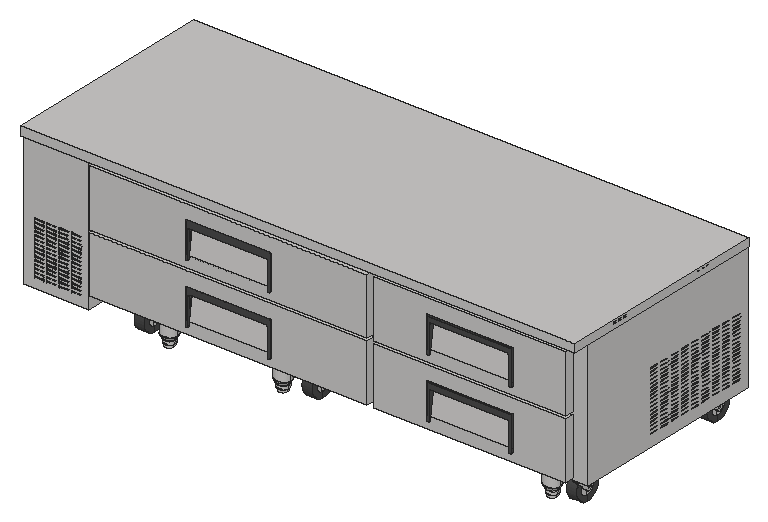
Revit family "QF_EVEREST_ECB82D4", category Specialty Equipment, Revit 2015
Parameters
  Weight in Pounds = 484
  Watts = if(Phase = 3, Volts * FL Amps * 1.73, Volts * FL Amps)  # 287.5 W
  Volts = 115 V
  URL Cutsheet = ""
  Specification by User = ""
  Specification by Manufacturer = ""
  Show Clearance [instance] = yes
  Serial Number = ""
  Seismic Rating = ""
  SMACNA No = ""
  Revision Code = ""
  Refrigerant Volume = 0.00 kip
  Refrigerant Type = "R-290"
  Phase = 1
  Number of Poles = 1
  NAFEM Spec ID Number = ""
  Model = "ECB82D4"
  Min Ckt Ampacity = 0 A
  Max Overcurrent Protection = 0 A
  Masterspec = ""
  Manufacturer = "EVEREST"
  Length = 2091 mm
  Item Number = ""
  Installed By = ""
  Identify Quantity as Lot = yes
  Height = 635 mm
  HP = "1/3"
  Furnished By = ""
  Foodservice Equipment Identifier = yes
  FL Amps = 2.5 A
  Electrical Remarks = ""
  Electric Connection Type = ""
  Elec Conn RI Height = 0 mm
  Elec Conn Connection Height = 0 mm
  Description = "SIDE MOUNTED CONDENSING UNIT"
  Depth = 815 mm
  Cycle = 60 Hz
  Conn Plug = "NEMA 5-15P"
  Conn Conduit = yes
  CSI MasterFormat = ""
  BTUH = 2311.0 Btu/h
  Apparent Power = if(Phase = 3, Volts * FL Amps * 1.73, Volts * FL Amps)  # 287.5 VA
Reference planes
  plane 1 "BACK": y = 0
  plane 2: z = 0
  plane 3 "LEFT": x = 0
  plane 4 "RIGHT": x = 2091
  plane 5 "FRONT": y = -815
  plane 6 "TOP": z = 635
  plane 7 "Center Y": x = 1045.5
  plane 8 "Center X": y = -407.5
  plane 9: y = -1371
Forms (mm)
  Extrusion 1, solid, material "QF_Metal - Stainless - Polished"
    sketch origin (-498.299, -4572, 635) x (-1, 0, 0) y (0, -1, 0)
      loop
        line (-498.299, -4572) -> (-498.299, -3757) -> (-2589.299, -3757) -> (-2589.299, -4572) -> (-498.299, -4572)
    from 0 to -32
  Extrusion 2, solid, material "QF_Metal - Stainless - Polished"
    sketch origin (488.481, 0, -11.574) x (1, 0, 0) y (0, 0, 1)
      loop
        line (835.519, 382) -> (1556.519, 382) -> (1556.519, 597) -> (835.519, 597) -> (835.519, 382)
      loop
        line (835.519, 372) -> (835.519, 157) -> (1556.519, 157) -> (1556.519, 372) -> (835.519, 372)
      loop
        line (-236.481, 382) -> (809.519, 382) -> (809.519, 597) -> (-236.481, 597) -> (-236.481, 382)
      loop
        line (-236.481, 372) -> (-236.481, 157) -> (809.519, 157) -> (809.519, 372) -> (-236.481, 372)
    from 804 to 769
  Extrusion 3, void
    sketch origin (-72.365, -804, 0) x (-1, 0, 0) y (0, 0, 1)
      loop
        arc (-152.892, 338.5) -> (-155.721, 337.328) -> (-156.892, 334.5) r 4
        arc (-156.892, 334.5) -> (-155.721, 331.672) -> (-152.892, 330.5) r 4
        line (-152.892, 330.5) -> (-120.892, 330.5)
        arc (-120.892, 330.5) -> (-118.064, 331.672) -> (-116.892, 334.5) r 4
        arc (-116.892, 334.5) -> (-118.064, 337.328) -> (-120.892, 338.5) r 4
        line (-120.892, 338.5) -> (-152.892, 338.5)
      loop
        arc (-152.892, 324.5) -> (-155.721, 323.328) -> (-156.892, 320.5) r 4
        arc (-156.892, 320.5) -> (-155.721, 317.672) -> (-152.892, 316.5) r 4
        line (-152.892, 316.5) -> (-120.892, 316.5)
        arc (-120.892, 316.5) -> (-118.064, 317.672) -> (-116.892, 320.5) r 4
        arc (-116.892, 320.5) -> (-118.064, 323.328) -> (-120.892, 324.5) r 4
        line (-120.892, 324.5) -> (-152.892, 324.5)
      loop
        arc (-152.892, 310.5) -> (-155.721, 309.328) -> (-156.892, 306.5) r 4
        arc (-156.892, 306.5) -> (-155.721, 303.672) -> (-152.892, 302.5) r 4
        line (-152.892, 302.5) -> (-120.892, 302.5)
        arc (-120.892, 302.5) -> (-118.064, 303.672) -> (-116.892, 306.5) r 4
        arc (-116.892, 306.5) -> (-118.064, 309.328) -> (-120.892, 310.5) r 4
        line (-120.892, 310.5) -> (-152.892, 310.5)
      loop
        arc (-152.892, 296.5) -> (-155.721, 295.328) -> (-156.892, 292.5) r 4
        arc (-156.892, 292.5) -> (-155.721, 289.672) -> (-152.892, 288.5) r 4
        line (-152.892, 288.5) -> (-120.892, 288.5)
        arc (-120.892, 288.5) -> (-118.064, 289.672) -> (-116.892, 292.5) r 4
        arc (-116.892, 292.5) -> (-118.064, 295.328) -> (-120.892, 296.5) r 4
        line (-120.892, 296.5) -> (-152.892, 296.5)
      loop
        arc (-152.892, 282.5) -> (-155.721, 281.328) -> (-156.892, 278.5) r 4
        arc (-156.892, 278.5) -> (-155.721, 275.672) -> (-152.892, 274.5) r 4
        line (-152.892, 274.5) -> (-120.892, 274.5)
        arc (-120.892, 274.5) -> (-118.064, 275.672) -> (-116.892, 278.5) r 4
        arc (-116.892, 278.5) -> (-118.064, 281.328) -> (-120.892, 282.5) r 4
        line (-120.892, 282.5) -> (-152.892, 282.5)
      loop
        arc (-152.892, 268.5) -> (-155.721, 267.328) -> (-156.892, 264.5) r 4
        arc (-156.892, 264.5) -> (-155.721, 261.672) -> (-152.892, 260.5) r 4
        line (-152.892, 260.5) -> (-120.892, 260.5)
        arc (-120.892, 260.5) -> (-118.064, 261.672) -> (-116.892, 264.5) r 4
        arc (-116.892, 264.5) -> (-118.064, 267.328) -> (-120.892, 268.5) r 4
        line (-120.892, 268.5) -> (-152.892, 268.5)
      loop
        arc (-152.892, 254.5) -> (-155.721, 253.328) -> (-156.892, 250.5) r 4
        arc (-156.892, 250.5) -> (-155.721, 247.672) -> (-152.892, 246.5) r 4
        line (-152.892, 246.5) -> (-120.892, 246.5)
        arc (-120.892, 246.5) -> (-118.064, 247.672) -> (-116.892, 250.5) r 4
        arc (-116.892, 250.5) -> (-118.064, 253.328) -> (-120.892, 254.5) r 4
        line (-120.892, 254.5) -> (-152.892, 254.5)
      loop
        arc (-152.892, 240.5) -> (-155.721, 239.328) -> (-156.892, 236.5) r 4
        arc (-156.892, 236.5) -> (-155.721, 233.672) -> (-152.892, 232.5) r 4
        line (-152.892, 232.5) -> (-120.892, 232.5)
        arc (-120.892, 232.5) -> (-118.064, 233.672) -> (-116.892, 236.5) r 4
        arc (-116.892, 236.5) -> (-118.064, 239.328) -> (-120.892, 240.5) r 4
        line (-120.892, 240.5) -> (-152.892, 240.5)
      loop
        arc (-152.892, 226.5) -> (-155.721, 225.328) -> (-156.892, 222.5) r 4
        arc (-156.892, 222.5) -> (-155.721, 219.672) -> (-152.892, 218.5) r 4
        line (-152.892, 218.5) -> (-120.892, 218.5)
        arc (-120.892, 218.5) -> (-118.064, 219.672) -> (-116.892, 222.5) r 4
        arc (-116.892, 222.5) -> (-118.064, 225.328) -> (-120.892, 226.5) r 4
        line (-120.892, 226.5) -> (-152.892, 226.5)
      loop
        arc (-152.892, 212.5) -> (-155.721, 211.328) -> (-156.892, 208.5) r 4
        arc (-156.892, 208.5) -> (-155.721, 205.672) -> (-152.892, 204.5) r 4
        line (-152.892, 204.5) -> (-120.892, 204.5)
        arc (-120.892, 204.5) -> (-118.064, 205.672) -> (-116.892, 208.5) r 4
        arc (-116.892, 208.5) -> (-118.064, 211.328) -> (-120.892, 212.5) r 4
        line (-120.892, 212.5) -> (-152.892, 212.5)
      loop
        arc (-152.892, 198.5) -> (-155.721, 197.328) -> (-156.892, 194.5) r 4
        arc (-156.892, 194.5) -> (-155.721, 191.672) -> (-152.892, 190.5) r 4
        line (-152.892, 190.5) -> (-120.892, 190.5)
        arc (-120.892, 190.5) -> (-118.064, 191.672) -> (-116.892, 194.5) r 4
        arc (-116.892, 194.5) -> (-118.064, 197.328) -> (-120.892, 198.5) r 4
        line (-120.892, 198.5) -> (-152.892, 198.5)
      loop
        arc (-152.892, 184.5) -> (-155.721, 183.328) -> (-156.892, 180.5) r 4
        arc (-156.892, 180.5) -> (-155.721, 177.672) -> (-152.892, 176.5) r 4
        line (-152.892, 176.5) -> (-120.892, 176.5)
        arc (-120.892, 176.5) -> (-118.064, 177.672) -> (-116.892, 180.5) r 4
        arc (-116.892, 180.5) -> (-118.064, 183.328) -> (-120.892, 184.5) r 4
        line (-120.892, 184.5) -> (-152.892, 184.5)
      loop
        arc (-152.892, 170.5) -> (-155.721, 169.328) -> (-156.892, 166.5) r 4
        arc (-156.892, 166.5) -> (-155.721, 163.672) -> (-152.892, 162.5) r 4
        line (-152.892, 162.5) -> (-120.892, 162.5)
        arc (-120.892, 162.5) -> (-118.064, 163.672) -> (-116.892, 166.5) r 4
        arc (-116.892, 166.5) -> (-118.064, 169.328) -> (-120.892, 170.5) r 4
        line (-120.892, 170.5) -> (-152.892, 170.5)
      loop
        arc (-152.892, 156.5) -> (-155.721, 155.328) -> (-156.892, 152.5) r 4
        arc (-156.892, 152.5) -> (-155.721, 149.672) -> (-152.892, 148.5) r 4
        line (-152.892, 148.5) -> (-120.892, 148.5)
        arc (-120.892, 148.5) -> (-118.064, 149.672) -> (-116.892, 152.5) r 4
        arc (-116.892, 152.5) -> (-118.064, 155.328) -> (-120.892, 156.5) r 4
        line (-120.892, 156.5) -> (-152.892, 156.5)
      loop
        arc (-152.892, 142.5) -> (-155.721, 141.328) -> (-156.892, 138.5) r 4
        arc (-156.892, 138.5) -> (-155.721, 135.672) -> (-152.892, 134.5) r 4
        line (-152.892, 134.5) -> (-120.892, 134.5)
        arc (-120.892, 134.5) -> (-118.064, 135.672) -> (-116.892, 138.5) r 4
        arc (-116.892, 138.5) -> (-118.064, 141.328) -> (-120.892, 142.5) r 4
        line (-120.892, 142.5) -> (-152.892, 142.5)
      loop
        arc (-198.892, 338.5) -> (-201.721, 337.328) -> (-202.892, 334.5) r 4
        arc (-202.892, 334.5) -> (-201.721, 331.672) -> (-198.892, 330.5) r 4
        line (-198.892, 330.5) -> (-166.892, 330.5)
        arc (-166.892, 330.5) -> (-164.064, 331.672) -> (-162.892, 334.5) r 4
        arc (-162.892, 334.5) -> (-164.064, 337.328) -> (-166.892, 338.5) r 4
        line (-166.892, 338.5) -> (-198.892, 338.5)
      loop
        arc (-198.892, 324.5) -> (-201.721, 323.328) -> (-202.892, 320.5) r 4
        arc (-202.892, 320.5) -> (-201.721, 317.672) -> (-198.892, 316.5) r 4
        line (-198.892, 316.5) -> (-166.892, 316.5)
        arc (-166.892, 316.5) -> (-164.064, 317.672) -> (-162.892, 320.5) r 4
        arc (-162.892, 320.5) -> (-164.064, 323.328) -> (-166.892, 324.5) r 4
        line (-166.892, 324.5) -> (-198.892, 324.5)
      loop
        arc (-198.892, 310.5) -> (-201.721, 309.328) -> (-202.892, 306.5) r 4
        arc (-202.892, 306.5) -> (-201.721, 303.672) -> (-198.892, 302.5) r 4
        line (-198.892, 302.5) -> (-166.892, 302.5)
        arc (-166.892, 302.5) -> (-164.064, 303.672) -> (-162.892, 306.5) r 4
        arc (-162.892, 306.5) -> (-164.064, 309.328) -> (-166.892, 310.5) r 4
        line (-166.892, 310.5) -> (-198.892, 310.5)
      loop
        arc (-198.892, 296.5) -> (-201.721, 295.328) -> (-202.892, 292.5) r 4
        arc (-202.892, 292.5) -> (-201.721, 289.672) -> (-198.892, 288.5) r 4
        line (-198.892, 288.5) -> (-166.892, 288.5)
        arc (-166.892, 288.5) -> (-164.064, 289.672) -> (-162.892, 292.5) r 4
        arc (-162.892, 292.5) -> (-164.064, 295.328) -> (-166.892, 296.5) r 4
        line (-166.892, 296.5) -> (-198.892, 296.5)
      loop
        arc (-198.892, 282.5) -> (-201.721, 281.328) -> (-202.892, 278.5) r 4
        arc (-202.892, 278.5) -> (-201.721, 275.672) -> (-198.892, 274.5) r 4
        line (-198.892, 274.5) -> (-166.892, 274.5)
        arc (-166.892, 274.5) -> (-164.064, 275.672) -> (-162.892, 278.5) r 4
        arc (-162.892, 278.5) -> (-164.064, 281.328) -> (-166.892, 282.5) r 4
        line (-166.892, 282.5) -> (-198.892, 282.5)
      loop
        arc (-198.892, 268.5) -> (-201.721, 267.328) -> (-202.892, 264.5) r 4
        arc (-202.892, 264.5) -> (-201.721, 261.672) -> (-198.892, 260.5) r 4
        line (-198.892, 260.5) -> (-166.892, 260.5)
        arc (-166.892, 260.5) -> (-164.064, 261.672) -> (-162.892, 264.5) r 4
        arc (-162.892, 264.5) -> (-164.064, 267.328) -> (-166.892, 268.5) r 4
        line (-166.892, 268.5) -> (-198.892, 268.5)
      loop
        arc (-198.892, 254.5) -> (-201.721, 253.328) -> (-202.892, 250.5) r 4
        arc (-202.892, 250.5) -> (-201.721, 247.672) -> (-198.892, 246.5) r 4
        line (-198.892, 246.5) -> (-166.892, 246.5)
        arc (-166.892, 246.5) -> (-164.064, 247.672) -> (-162.892, 250.5) r 4
        arc (-162.892, 250.5) -> (-164.064, 253.328) -> (-166.892, 254.5) r 4
        line (-166.892, 254.5) -> (-198.892, 254.5)
      loop
        arc (-198.892, 240.5) -> (-201.721, 239.328) -> (-202.892, 236.5) r 4
        arc (-202.892, 236.5) -> (-201.721, 233.672) -> (-198.892, 232.5) r 4
        line (-198.892, 232.5) -> (-166.892, 232.5)
        arc (-166.892, 232.5) -> (-164.064, 233.672) -> (-162.892, 236.5) r 4
        arc (-162.892, 236.5) -> (-164.064, 239.328) -> (-166.892, 240.5) r 4
        line (-166.892, 240.5) -> (-198.892, 240.5)
      loop
        arc (-198.892, 226.5) -> (-201.721, 225.328) -> (-202.892, 222.5) r 4
        arc (-202.892, 222.5) -> (-201.721, 219.672) -> (-198.892, 218.5) r 4
        line (-198.892, 218.5) -> (-166.892, 218.5)
        arc (-166.892, 218.5) -> (-164.064, 219.672) -> (-162.892, 222.5) r 4
        arc (-162.892, 222.5) -> (-164.064, 225.328) -> (-166.892, 226.5) r 4
        line (-166.892, 226.5) -> (-198.892, 226.5)
      loop
        arc (-198.892, 212.5) -> (-201.721, 211.328) -> (-202.892, 208.5) r 4
        arc (-202.892, 208.5) -> (-201.721, 205.672) -> (-198.892, 204.5) r 4
        line (-198.892, 204.5) -> (-166.892, 204.5)
        arc (-166.892, 204.5) -> (-164.064, 205.672) -> (-162.892, 208.5) r 4
        arc (-162.892, 208.5) -> (-164.064, 211.328) -> (-166.892, 212.5) r 4
        line (-166.892, 212.5) -> (-198.892, 212.5)
      loop
        arc (-198.892, 198.5) -> (-201.721, 197.328) -> (-202.892, 194.5) r 4
        arc (-202.892, 194.5) -> (-201.721, 191.672) -> (-198.892, 190.5) r 4
        line (-198.892, 190.5) -> (-166.892, 190.5)
        arc (-166.892, 190.5) -> (-164.064, 191.672) -> (-162.892, 194.5) r 4
        arc (-162.892, 194.5) -> (-164.064, 197.328) -> (-166.892, 198.5) r 4
        line (-166.892, 198.5) -> (-198.892, 198.5)
      loop
        arc (-198.892, 184.5) -> (-201.721, 183.328) -> (-202.892, 180.5) r 4
        arc (-202.892, 180.5) -> (-201.721, 177.672) -> (-198.892, 176.5) r 4
        line (-198.892, 176.5) -> (-166.892, 176.5)
        arc (-166.892, 176.5) -> (-164.064, 177.672) -> (-162.892, 180.5) r 4
        arc (-162.892, 180.5) -> (-164.064, 183.328) -> (-166.892, 184.5) r 4
        line (-166.892, 184.5) -> (-198.892, 184.5)
      loop
        arc (-198.892, 170.5) -> (-201.721, 169.328) -> (-202.892, 166.5) r 4
        arc (-202.892, 166.5) -> (-201.721, 163.672) -> (-198.892, 162.5) r 4
        line (-198.892, 162.5) -> (-166.892, 162.5)
        arc (-166.892, 162.5) -> (-164.064, 163.672) -> (-162.892, 166.5) r 4
        arc (-162.892, 166.5) -> (-164.064, 169.328) -> (-166.892, 170.5) r 4
        line (-166.892, 170.5) -> (-198.892, 170.5)
      loop
        arc (-198.892, 156.5) -> (-201.721, 155.328) -> (-202.892, 152.5) r 4
        arc (-202.892, 152.5) -> (-201.721, 149.672) -> (-198.892, 148.5) r 4
        line (-198.892, 148.5) -> (-166.892, 148.5)
        arc (-166.892, 148.5) -> (-164.064, 149.672) -> (-162.892, 152.5) r 4
        arc (-162.892, 152.5) -> (-164.064, 155.328) -> (-166.892, 156.5) r 4
        line (-166.892, 156.5) -> (-198.892, 156.5)
      loop
        arc (-198.892, 142.5) -> (-201.721, 141.328) -> (-202.892, 138.5) r 4
        arc (-202.892, 138.5) -> (-201.721, 135.672) -> (-198.892, 134.5) r 4
        line (-198.892, 134.5) -> (-166.892, 134.5)
        arc (-166.892, 134.5) -> (-164.064, 135.672) -> (-162.892, 138.5) r 4
        arc (-162.892, 138.5) -> (-164.064, 141.328) -> (-166.892, 142.5) r 4
        line (-166.892, 142.5) -> (-198.892, 142.5)
      loop
        arc (-244.892, 338.5) -> (-247.721, 337.328) -> (-248.892, 334.5) r 4
        arc (-248.892, 334.5) -> (-247.721, 331.672) -> (-244.892, 330.5) r 4
        line (-244.892, 330.5) -> (-212.892, 330.5)
        arc (-212.892, 330.5) -> (-210.064, 331.672) -> (-208.892, 334.5) r 4
        arc (-208.892, 334.5) -> (-210.064, 337.328) -> (-212.892, 338.5) r 4
        line (-212.892, 338.5) -> (-244.892, 338.5)
      loop
        arc (-244.892, 324.5) -> (-247.721, 323.328) -> (-248.892, 320.5) r 4
        arc (-248.892, 320.5) -> (-247.721, 317.672) -> (-244.892, 316.5) r 4
        line (-244.892, 316.5) -> (-212.892, 316.5)
        arc (-212.892, 316.5) -> (-210.064, 317.672) -> (-208.892, 320.5) r 4
        arc (-208.892, 320.5) -> (-210.064, 323.328) -> (-212.892, 324.5) r 4
        line (-212.892, 324.5) -> (-244.892, 324.5)
      loop
        arc (-244.892, 310.5) -> (-247.721, 309.328) -> (-248.892, 306.5) r 4
        arc (-248.892, 306.5) -> (-247.721, 303.672) -> (-244.892, 302.5) r 4
        line (-244.892, 302.5) -> (-212.892, 302.5)
        arc (-212.892, 302.5) -> (-210.064, 303.672) -> (-208.892, 306.5) r 4
        arc (-208.892, 306.5) -> (-210.064, 309.328) -> (-212.892, 310.5) r 4
        line (-212.892, 310.5) -> (-244.892, 310.5)
      loop
        arc (-244.892, 296.5) -> (-247.721, 295.328) -> (-248.892, 292.5) r 4
        arc (-248.892, 292.5) -> (-247.721, 289.672) -> (-244.892, 288.5) r 4
        line (-244.892, 288.5) -> (-212.892, 288.5)
        arc (-212.892, 288.5) -> (-210.064, 289.672) -> (-208.892, 292.5) r 4
        arc (-208.892, 292.5) -> (-210.064, 295.328) -> (-212.892, 296.5) r 4
        line (-212.892, 296.5) -> (-244.892, 296.5)
      loop
        arc (-244.892, 282.5) -> (-247.721, 281.328) -> (-248.892, 278.5) r 4
        arc (-248.892, 278.5) -> (-247.721, 275.672) -> (-244.892, 274.5) r 4
        line (-244.892, 274.5) -> (-212.892, 274.5)
        arc (-212.892, 274.5) -> (-210.064, 275.672) -> (-208.892, 278.5) r 4
        arc (-208.892, 278.5) -> (-210.064, 281.328) -> (-212.892, 282.5) r 4
        line (-212.892, 282.5) -> (-244.892, 282.5)
      loop
        arc (-244.892, 268.5) -> (-247.721, 267.328) -> (-248.892, 264.5) r 4
        arc (-248.892, 264.5) -> (-247.721, 261.672) -> (-244.892, 260.5) r 4
        line (-244.892, 260.5) -> (-212.892, 260.5)
        arc (-212.892, 260.5) -> (-210.064, 261.672) -> (-208.892, 264.5) r 4
        arc (-208.892, 264.5) -> (-210.064, 267.328) -> (-212.892, 268.5) r 4
        line (-212.892, 268.5) -> (-244.892, 268.5)
      loop
        arc (-244.892, 254.5) -> (-247.721, 253.328) -> (-248.892, 250.5) r 4
        arc (-248.892, 250.5) -> (-247.721, 247.672) -> (-244.892, 246.5) r 4
        line (-244.892, 246.5) -> (-212.892, 246.5)
        arc (-212.892, 246.5) -> (-210.064, 247.672) -> (-208.892, 250.5) r 4
        arc (-208.892, 250.5) -> (-210.064, 253.328) -> (-212.892, 254.5) r 4
        line (-212.892, 254.5) -> (-244.892, 254.5)
      loop
        arc (-244.892, 240.5) -> (-247.721, 239.328) -> (-248.892, 236.5) r 4
        arc (-248.892, 236.5) -> (-247.721, 233.672) -> (-244.892, 232.5) r 4
        line (-244.892, 232.5) -> (-212.892, 232.5)
        arc (-212.892, 232.5) -> (-210.064, 233.672) -> (-208.892, 236.5) r 4
        arc (-208.892, 236.5) -> (-210.064, 239.328) -> (-212.892, 240.5) r 4
        line (-212.892, 240.5) -> (-244.892, 240.5)
      loop
        arc (-244.892, 226.5) -> (-247.721, 225.328) -> (-248.892, 222.5) r 4
        arc (-248.892, 222.5) -> (-247.721, 219.672) -> (-244.892, 218.5) r 4
        line (-244.892, 218.5) -> (-212.892, 218.5)
        arc (-212.892, 218.5) -> (-210.064, 219.672) -> (-208.892, 222.5) r 4
        arc (-208.892, 222.5) -> (-210.064, 225.328) -> (-212.892, 226.5) r 4
        line (-212.892, 226.5) -> (-244.892, 226.5)
      loop
        arc (-244.892, 212.5) -> (-247.721, 211.328) -> (-248.892, 208.5) r 4
        arc (-248.892, 208.5) -> (-247.721, 205.672) -> (-244.892, 204.5) r 4
        line (-244.892, 204.5) -> (-212.892, 204.5)
        arc (-212.892, 204.5) -> (-210.064, 205.672) -> (-208.892, 208.5) r 4
        arc (-208.892, 208.5) -> (-210.064, 211.328) -> (-212.892, 212.5) r 4
        line (-212.892, 212.5) -> (-244.892, 212.5)
      loop
        arc (-244.892, 198.5) -> (-247.721, 197.328) -> (-248.892, 194.5) r 4
        arc (-248.892, 194.5) -> (-247.721, 191.672) -> (-244.892, 190.5) r 4
        line (-244.892, 190.5) -> (-212.892, 190.5)
        arc (-212.892, 190.5) -> (-210.064, 191.672) -> (-208.892, 194.5) r 4
        arc (-208.892, 194.5) -> (-210.064, 197.328) -> (-212.892, 198.5) r 4
        line (-212.892, 198.5) -> (-244.892, 198.5)
      loop
        arc (-244.892, 184.5) -> (-247.721, 183.328) -> (-248.892, 180.5) r 4
        arc (-248.892, 180.5) -> (-247.721, 177.672) -> (-244.892, 176.5) r 4
        line (-244.892, 176.5) -> (-212.892, 176.5)
        arc (-212.892, 176.5) -> (-210.064, 177.672) -> (-208.892, 180.5) r 4
        arc (-208.892, 180.5) -> (-210.064, 183.328) -> (-212.892, 184.5) r 4
        line (-212.892, 184.5) -> (-244.892, 184.5)
      loop
        arc (-244.892, 170.5) -> (-247.721, 169.328) -> (-248.892, 166.5) r 4
        arc (-248.892, 166.5) -> (-247.721, 163.672) -> (-244.892, 162.5) r 4
        line (-244.892, 162.5) -> (-212.892, 162.5)
        arc (-212.892, 162.5) -> (-210.064, 163.672) -> (-208.892, 166.5) r 4
        arc (-208.892, 166.5) -> (-210.064, 169.328) -> (-212.892, 170.5) r 4
        line (-212.892, 170.5) -> (-244.892, 170.5)
      loop
        arc (-244.892, 156.5) -> (-247.721, 155.328) -> (-248.892, 152.5) r 4
        arc (-248.892, 152.5) -> (-247.721, 149.672) -> (-244.892, 148.5) r 4
        line (-244.892, 148.5) -> (-212.892, 148.5)
        arc (-212.892, 148.5) -> (-210.064, 149.672) -> (-208.892, 152.5) r 4
        arc (-208.892, 152.5) -> (-210.064, 155.328) -> (-212.892, 156.5) r 4
        line (-212.892, 156.5) -> (-244.892, 156.5)
      loop
        arc (-244.892, 142.5) -> (-247.721, 141.328) -> (-248.892, 138.5) r 4
        arc (-248.892, 138.5) -> (-247.721, 135.672) -> (-244.892, 134.5) r 4
        line (-244.892, 134.5) -> (-212.892, 134.5)
        arc (-212.892, 134.5) -> (-210.064, 135.672) -> (-208.892, 138.5) r 4
        arc (-208.892, 138.5) -> (-210.064, 141.328) -> (-212.892, 142.5) r 4
        line (-212.892, 142.5) -> (-244.892, 142.5)
      loop
        arc (-292.892, 338.5) -> (-295.721, 337.328) -> (-296.892, 334.5) r 4
        arc (-296.892, 334.5) -> (-295.721, 331.672) -> (-292.892, 330.5) r 4
        line (-292.892, 330.5) -> (-260.892, 330.5)
        arc (-260.892, 330.5) -> (-258.064, 331.672) -> (-256.892, 334.5) r 4
        arc (-256.892, 334.5) -> (-258.064, 337.328) -> (-260.892, 338.5) r 4
        line (-260.892, 338.5) -> (-292.892, 338.5)
      loop
        arc (-292.892, 324.5) -> (-295.721, 323.328) -> (-296.892, 320.5) r 4
        arc (-296.892, 320.5) -> (-295.721, 317.672) -> (-292.892, 316.5) r 4
        line (-292.892, 316.5) -> (-260.892, 316.5)
        arc (-260.892, 316.5) -> (-258.064, 317.672) -> (-256.892, 320.5) r 4
        arc (-256.892, 320.5) -> (-258.064, 323.328) -> (-260.892, 324.5) r 4
        line (-260.892, 324.5) -> (-292.892, 324.5)
      loop
        arc (-292.892, 310.5) -> (-295.721, 309.328) -> (-296.892, 306.5) r 4
        arc (-296.892, 306.5) -> (-295.721, 303.672) -> (-292.892, 302.5) r 4
        line (-292.892, 302.5) -> (-260.892, 302.5)
        arc (-260.892, 302.5) -> (-258.064, 303.672) -> (-256.892, 306.5) r 4
        arc (-256.892, 306.5) -> (-258.064, 309.328) -> (-260.892, 310.5) r 4
        line (-260.892, 310.5) -> (-292.892, 310.5)
      loop
        arc (-292.892, 296.5) -> (-295.721, 295.328) -> (-296.892, 292.5) r 4
        arc (-296.892, 292.5) -> (-295.721, 289.672) -> (-292.892, 288.5) r 4
        line (-292.892, 288.5) -> (-260.892, 288.5)
        arc (-260.892, 288.5) -> (-258.064, 289.672) -> (-256.892, 292.5) r 4
        arc (-256.892, 292.5) -> (-258.064, 295.328) -> (-260.892, 296.5) r 4
        line (-260.892, 296.5) -> (-292.892, 296.5)
      loop
        arc (-292.892, 282.5) -> (-295.721, 281.328) -> (-296.892, 278.5) r 4
        arc (-296.892, 278.5) -> (-295.721, 275.672) -> (-292.892, 274.5) r 4
        line (-292.892, 274.5) -> (-260.892, 274.5)
        arc (-260.892, 274.5) -> (-258.064, 275.672) -> (-256.892, 278.5) r 4
        arc (-256.892, 278.5) -> (-258.064, 281.328) -> (-260.892, 282.5) r 4
        line (-260.892, 282.5) -> (-292.892, 282.5)
      loop
        arc (-292.892, 268.5) -> (-295.721, 267.328) -> (-296.892, 264.5) r 4
        arc (-296.892, 264.5) -> (-295.721, 261.672) -> (-292.892, 260.5) r 4
        line (-292.892, 260.5) -> (-260.892, 260.5)
        arc (-260.892, 260.5) -> (-258.064, 261.672) -> (-256.892, 264.5) r 4
        arc (-256.892, 264.5) -> (-258.064, 267.328) -> (-260.892, 268.5) r 4
        line (-260.892, 268.5) -> (-292.892, 268.5)
      loop
        arc (-292.892, 254.5) -> (-295.721, 253.328) -> (-296.892, 250.5) r 4
        arc (-296.892, 250.5) -> (-295.721, 247.672) -> (-292.892, 246.5) r 4
        line (-292.892, 246.5) -> (-260.892, 246.5)
        arc (-260.892, 246.5) -> (-258.064, 247.672) -> (-256.892, 250.5) r 4
        arc (-256.892, 250.5) -> (-258.064, 253.328) -> (-260.892, 254.5) r 4
        line (-260.892, 254.5) -> (-292.892, 254.5)
      loop
        arc (-292.892, 240.5) -> (-295.721, 239.328) -> (-296.892, 236.5) r 4
        arc (-296.892, 236.5) -> (-295.721, 233.672) -> (-292.892, 232.5) r 4
        line (-292.892, 232.5) -> (-260.892, 232.5)
        arc (-260.892, 232.5) -> (-258.064, 233.672) -> (-256.892, 236.5) r 4
        arc (-256.892, 236.5) -> (-258.064, 239.328) -> (-260.892, 240.5) r 4
        line (-260.892, 240.5) -> (-292.892, 240.5)
      loop
        arc (-292.892, 226.5) -> (-295.721, 225.328) -> (-296.892, 222.5) r 4
        arc (-296.892, 222.5) -> (-295.721, 219.672) -> (-292.892, 218.5) r 4
        line (-292.892, 218.5) -> (-260.892, 218.5)
        arc (-260.892, 218.5) -> (-258.064, 219.672) -> (-256.892, 222.5) r 4
        arc (-256.892, 222.5) -> (-258.064, 225.328) -> (-260.892, 226.5) r 4
        line (-260.892, 226.5) -> (-292.892, 226.5)
      loop
        arc (-292.892, 212.5) -> (-295.721, 211.328) -> (-296.892, 208.5) r 4
        arc (-296.892, 208.5) -> (-295.721, 205.672) -> (-292.892, 204.5) r 4
        line (-292.892, 204.5) -> (-260.892, 204.5)
        arc (-260.892, 204.5) -> (-258.064, 205.672) -> (-256.892, 208.5) r 4
        arc (-256.892, 208.5) -> (-258.064, 211.328) -> (-260.892, 212.5) r 4
        line (-260.892, 212.5) -> (-292.892, 212.5)
      loop
        arc (-292.892, 198.5) -> (-295.721, 197.328) -> (-296.892, 194.5) r 4
        arc (-296.892, 194.5) -> (-295.721, 191.672) -> (-292.892, 190.5) r 4
        line (-292.892, 190.5) -> (-260.892, 190.5)
        arc (-260.892, 190.5) -> (-258.064, 191.672) -> (-256.892, 194.5) r 4
        arc (-256.892, 194.5) -> (-258.064, 197.328) -> (-260.892, 198.5) r 4
        line (-260.892, 198.5) -> (-292.892, 198.5)
      loop
        arc (-292.892, 184.5) -> (-295.721, 183.328) -> (-296.892, 180.5) r 4
        arc (-296.892, 180.5) -> (-295.721, 177.672) -> (-292.892, 176.5) r 4
        line (-292.892, 176.5) -> (-260.892, 176.5)
        arc (-260.892, 176.5) -> (-258.064, 177.672) -> (-256.892, 180.5) r 4
        arc (-256.892, 180.5) -> (-258.064, 183.328) -> (-260.892, 184.5) r 4
        line (-260.892, 184.5) -> (-292.892, 184.5)
      loop
        arc (-292.892, 170.5) -> (-295.721, 169.328) -> (-296.892, 166.5) r 4
        arc (-296.892, 166.5) -> (-295.721, 163.672) -> (-292.892, 162.5) r 4
        line (-292.892, 162.5) -> (-260.892, 162.5)
        arc (-260.892, 162.5) -> (-258.064, 163.672) -> (-256.892, 166.5) r 4
        arc (-256.892, 166.5) -> (-258.064, 169.328) -> (-260.892, 170.5) r 4
        line (-260.892, 170.5) -> (-292.892, 170.5)
      loop
        arc (-292.892, 156.5) -> (-295.721, 155.328) -> (-296.892, 152.5) r 4
        arc (-296.892, 152.5) -> (-295.721, 149.672) -> (-292.892, 148.5) r 4
        line (-292.892, 148.5) -> (-260.892, 148.5)
        arc (-260.892, 148.5) -> (-258.064, 149.672) -> (-256.892, 152.5) r 4
        arc (-256.892, 152.5) -> (-258.064, 155.328) -> (-260.892, 156.5) r 4
        line (-260.892, 156.5) -> (-292.892, 156.5)
      loop
        arc (-292.892, 142.5) -> (-295.721, 141.328) -> (-296.892, 138.5) r 4
        arc (-296.892, 138.5) -> (-295.721, 135.672) -> (-292.892, 134.5) r 4
        line (-292.892, 134.5) -> (-260.892, 134.5)
        arc (-260.892, 134.5) -> (-258.064, 135.672) -> (-256.892, 138.5) r 4
        arc (-256.892, 138.5) -> (-258.064, 141.328) -> (-260.892, 142.5) r 4
        line (-260.892, 142.5) -> (-292.892, 142.5)
    from 0 to 3.2
  Extrusion 4, solid, material "QF_Plastic - Black - Smooth"
    sketch origin (1169.603, -804, 583.462) x (0, 0, -1) y (1, 0, 0)
      loop
        line (51.036, 354.397) -> (170.036, 354.397) -> (170.036, 356.397) -> (55.036, 356.397) -> (55.036, 673.397) -> (170.036, 673.397) -> (170.036, 675.397) -> (51.036, 675.397) -> (51.036, 354.397)
      loop
        line (276.036, 354.397) -> (395.036, 354.397) -> (395.036, 356.397) -> (280.036, 356.397) -> (280.036, 673.397) -> (395.036, 673.397) -> (395.036, 675.397) -> (276.036, 675.397) -> (276.036, 354.397)
    from 1.747 to -35
  Extrusion 5, void
    sketch origin (1169.603, -14.4, -114.574) x (0, 1, 0) y (0, 0, 1)
      loop
        line (-789.6, 643) -> (-789.6, 528) -> (-771.736, 638.188) -> (-771.736, 643) -> (-789.6, 643)
      loop
        line (-789.6, 418) -> (-789.6, 303) -> (-771.736, 413.188) -> (-771.736, 418) -> (-789.6, 418)
    from 356.223 to 673.396
  Extrusion 6, solid, material "QF_Metal - Stainless - Polished"
    sketch origin (488.481, -751, -11.574) x (1, 0, 0) y (0, 0, 1)
      loop
        line (849.519, 583) -> (849.519, 396) -> (1542.519, 396) -> (1542.519, 583) -> (849.519, 583)
      loop
        line (849.519, 358) -> (849.519, 171) -> (1542.519, 171) -> (1542.519, 358) -> (849.519, 358)
      loop
        line (-222.481, 583) -> (-222.481, 396) -> (795.519, 396) -> (795.519, 583) -> (-222.481, 583)
      loop
        line (-222.481, 358) -> (-222.481, 171) -> (795.519, 171) -> (795.519, 358) -> (-222.481, 358)
    from 0 to 18
  Extrusion 7, solid, material "QF_Door-Drawer Clearances", visible <- "Show Clearance", detail levels coarse
    sketch origin (488.481, 0, -11.574) x (0, 1, 0) y (0, 0, 1)
      loop
        line (-804, 597) -> (-1371, 597) -> (-1371, 382) -> (-804, 382) -> (-804, 597)
      loop
        line (-804, 372) -> (-1371, 372) -> (-1371, 157) -> (-804, 157) -> (-804, 372)
    from 1556.519 to 835.519
  Extrusion 8, solid, material "QF_Metal - Stainless - Polished"
    sketch origin (313, 0, 0) x (-1, 0, 0) y (0, 0, 1)
      loop
        circle (186.681, 344.504) r 6.35
    from 0 to 3.2
  Extrusion 9, solid, material "QF_Metal - Stainless - Polished"
    sketch origin (313, 0, 0) x (1, 0, 0) y (0, 0, 1)
      loop
        line (-63.364, 127) -> (1775.5, 127) -> (1775.5, 603) -> (-63.364, 603) -> (-63.364, 127)
    from 0 to 751
  Extrusion 10, solid, material "QF_Metal - Stainless - Polished"
    sketch origin (0, 0, 0) x (1, 0, 0) y (0, 0, 1)
      loop
        line (3.002, 98.708) -> (249.636, 98.708) -> (249.636, 603) -> (3.002, 603) -> (3.002, 98.708)
    from 804 to 0
  Extrusion 11, void
    sketch origin (260.103, -14.4, -114.574) x (0, 1, 0) y (0, 0, 1)
      loop
        line (-789.6, 643) -> (-789.6, 528) -> (-771.736, 638.188) -> (-771.736, 643) -> (-789.6, 643)
      loop
        line (-789.6, 418) -> (-789.6, 303) -> (-771.736, 413.188) -> (-771.736, 418) -> (-789.6, 418)
    from 356.223 to 673.396
  Extrusion 12, solid, material "QF_Plastic - Black - Smooth"
    sketch origin (260.103, -804, 583.462) x (0, 0, -1) y (1, 0, 0)
      loop
        arc (51.036, 359.397) -> (52.5, 355.862) -> (56.036, 354.397) r 5
        line (56.036, 354.397) -> (182.536, 354.397)
        arc (182.536, 354.397) -> (185.011, 355.422) -> (186.036, 357.897) r 3.5
        line (186.036, 357.897) -> (186.036, 361.897)
        arc (186.036, 361.897) -> (185.011, 364.372) -> (182.536, 365.397) r 3.5
        line (182.536, 365.397) -> (81.036, 365.397)
        arc (81.036, 365.397) -> (77.5, 366.862) -> (76.036, 370.397) r 5
        line (76.036, 370.397) -> (76.036, 659.397)
        arc (76.036, 659.397) -> (77.5, 662.933) -> (81.036, 664.397) r 5
        line (81.036, 664.397) -> (182.536, 664.397)
        arc (182.536, 664.397) -> (185.011, 665.422) -> (186.036, 667.897) r 3.5
        line (186.036, 667.897) -> (186.036, 671.897)
        arc (186.036, 671.897) -> (185.011, 674.372) -> (182.536, 675.397) r 3.5
        line (182.536, 675.397) -> (56.036, 675.397)
        arc (56.036, 675.397) -> (52.5, 673.933) -> (51.036, 670.397) r 5
        line (51.036, 670.397) -> (51.036, 359.397)
      loop
        arc (276.036, 359.397) -> (277.5, 355.862) -> (281.036, 354.397) r 5
        line (281.036, 354.397) -> (407.536, 354.397)
        arc (407.536, 354.397) -> (410.011, 355.422) -> (411.036, 357.897) r 3.5
        line (411.036, 357.897) -> (411.036, 361.897)
        arc (411.036, 361.897) -> (410.011, 364.372) -> (407.536, 365.397) r 3.5
        line (407.536, 365.397) -> (306.036, 365.397)
        arc (306.036, 365.397) -> (302.5, 366.862) -> (301.036, 370.397) r 5
        line (301.036, 370.397) -> (301.036, 659.397)
        arc (301.036, 659.397) -> (302.5, 662.933) -> (306.036, 664.397) r 5
        line (306.036, 664.397) -> (407.536, 664.397)
        arc (407.536, 664.397) -> (410.011, 665.422) -> (411.036, 667.897) r 3.5
        line (411.036, 667.897) -> (411.036, 671.897)
        arc (411.036, 671.897) -> (410.011, 674.372) -> (407.536, 675.397) r 3.5
        line (407.536, 675.397) -> (281.036, 675.397)
        arc (281.036, 675.397) -> (277.5, 673.933) -> (276.036, 670.397) r 5
        line (276.036, 670.397) -> (276.036, 359.397)
      loop
        arc (51.036, 1268.897) -> (52.5, 1265.362) -> (56.036, 1263.897) r 5
        line (56.036, 1263.897) -> (182.536, 1263.897)
        arc (182.536, 1263.897) -> (185.011, 1264.922) -> (186.036, 1267.397) r 3.5
        line (186.036, 1267.397) -> (186.036, 1271.397)
        arc (186.036, 1271.397) -> (185.011, 1273.872) -> (182.536, 1274.897) r 3.5
        line (182.536, 1274.897) -> (81.036, 1274.897)
        arc (81.036, 1274.897) -> (77.5, 1276.362) -> (76.036, 1279.897) r 5
        line (76.036, 1279.897) -> (76.036, 1568.897)
        arc (76.036, 1568.897) -> (77.5, 1572.433) -> (81.036, 1573.897) r 5
        line (81.036, 1573.897) -> (182.536, 1573.897)
        arc (182.536, 1573.897) -> (185.011, 1574.922) -> (186.036, 1577.397) r 3.5
        line (186.036, 1577.397) -> (186.036, 1581.397)
        arc (186.036, 1581.397) -> (185.011, 1583.872) -> (182.536, 1584.897) r 3.5
        line (182.536, 1584.897) -> (56.036, 1584.897)
        arc (56.036, 1584.897) -> (52.5, 1583.433) -> (51.036, 1579.897) r 5
        line (51.036, 1579.897) -> (51.036, 1268.897)
      loop
        arc (276.036, 1268.897) -> (277.5, 1265.362) -> (281.036, 1263.897) r 5
        line (281.036, 1263.897) -> (407.536, 1263.897)
        arc (407.536, 1263.897) -> (410.011, 1264.922) -> (411.036, 1267.397) r 3.5
        line (411.036, 1267.397) -> (411.036, 1271.397)
        arc (411.036, 1271.397) -> (410.011, 1273.872) -> (407.536, 1274.897) r 3.5
        line (407.536, 1274.897) -> (306.036, 1274.897)
        arc (306.036, 1274.897) -> (302.5, 1276.362) -> (301.036, 1279.897) r 5
        line (301.036, 1279.897) -> (301.036, 1568.897)
        arc (301.036, 1568.897) -> (302.5, 1572.433) -> (306.036, 1573.897) r 5
        line (306.036, 1573.897) -> (407.536, 1573.897)
        arc (407.536, 1573.897) -> (410.011, 1574.922) -> (411.036, 1577.397) r 3.5
        line (411.036, 1577.397) -> (411.036, 1581.397)
        arc (411.036, 1581.397) -> (410.011, 1583.872) -> (407.536, 1584.897) r 3.5
        line (407.536, 1584.897) -> (281.036, 1584.897)
        arc (281.036, 1584.897) -> (277.5, 1583.433) -> (276.036, 1579.897) r 5
        line (276.036, 1579.897) -> (276.036, 1268.897)
    from 1.747 to -35
  Extrusion 13, solid, material "QF_Door-Drawer Clearances", visible <- "Show Clearance", detail levels coarse
    sketch origin (-297.947, 0, -11.574) x (0, 1, 0) y (0, 0, 1)
      loop
        line (-804, 597) -> (-1371, 597) -> (-1371, 382) -> (-804, 382) -> (-804, 597)
      loop
        line (-804, 372) -> (-1371, 372) -> (-1371, 157) -> (-804, 157) -> (-804, 372)
    from 1595.947 to 549.947
  Extrusion 14, void
    sketch origin (3.002, 0, 593.978) x (0, 0, -1) y (0, -1, 0)
      loop
        arc (195.478, 37.5) -> (199.478, 33.5) -> (203.478, 37.5) r 4
        line (203.478, 37.5) -> (203.478, 69.5)
        arc (203.478, 69.5) -> (199.478, 73.5) -> (195.478, 69.5) r 4
        line (195.478, 69.5) -> (195.478, 37.5)
      loop
        arc (195.478, 86) -> (199.478, 82) -> (203.478, 86) r 4
        line (203.478, 86) -> (203.478, 118)
        arc (203.478, 118) -> (199.478, 122) -> (195.478, 118) r 4
        line (195.478, 118) -> (195.478, 86)
      loop
        arc (195.478, 134.5) -> (199.478, 130.5) -> (203.478, 134.5) r 4
        line (203.478, 134.5) -> (203.478, 166.5)
        arc (203.478, 166.5) -> (199.478, 170.5) -> (195.478, 166.5) r 4
        line (195.478, 166.5) -> (195.478, 134.5)
      loop
        arc (195.478, 183) -> (199.478, 179) -> (203.478, 183) r 4
        line (203.478, 183) -> (203.478, 215)
        arc (203.478, 215) -> (199.478, 219) -> (195.478, 215) r 4
        line (195.478, 215) -> (195.478, 183)
      loop
        arc (195.478, 231.5) -> (199.478, 227.5) -> (203.478, 231.5) r 4
        line (203.478, 231.5) -> (203.478, 263.5)
        arc (203.478, 263.5) -> (199.478, 267.5) -> (195.478, 263.5) r 4
        line (195.478, 263.5) -> (195.478, 231.5)
      loop
        arc (195.478, 280) -> (199.478, 276) -> (203.478, 280) r 4
        line (203.478, 280) -> (203.478, 312)
        arc (203.478, 312) -> (199.478, 316) -> (195.478, 312) r 4
        line (195.478, 312) -> (195.478, 280)
      loop
        arc (195.478, 328.5) -> (199.478, 324.5) -> (203.478, 328.5) r 4
        line (203.478, 328.5) -> (203.478, 360.5)
        arc (203.478, 360.5) -> (199.478, 364.5) -> (195.478, 360.5) r 4
        line (195.478, 360.5) -> (195.478, 328.5)
      loop
        arc (195.478, 377) -> (199.478, 373) -> (203.478, 377) r 4
        line (203.478, 377) -> (203.478, 409)
        arc (203.478, 409) -> (199.478, 413) -> (195.478, 409) r 4
        line (195.478, 409) -> (195.478, 377)
      loop
        arc (195.478, 425.5) -> (199.478, 421.5) -> (203.478, 425.5) r 4
        line (203.478, 425.5) -> (203.478, 457.5)
        arc (203.478, 457.5) -> (199.478, 461.5) -> (195.478, 457.5) r 4
        line (195.478, 457.5) -> (195.478, 425.5)
      loop
        arc (208.478, 37.5) -> (212.478, 33.5) -> (216.478, 37.5) r 4
        line (216.478, 37.5) -> (216.478, 69.5)
        arc (216.478, 69.5) -> (212.478, 73.5) -> (208.478, 69.5) r 4
        line (208.478, 69.5) -> (208.478, 37.5)
      loop
        arc (208.478, 86) -> (212.478, 82) -> (216.478, 86) r 4
        line (216.478, 86) -> (216.478, 118)
        arc (216.478, 118) -> (212.478, 122) -> (208.478, 118) r 4
        line (208.478, 118) -> (208.478, 86)
      loop
        arc (208.478, 134.5) -> (212.478, 130.5) -> (216.478, 134.5) r 4
        line (216.478, 134.5) -> (216.478, 166.5)
        arc (216.478, 166.5) -> (212.478, 170.5) -> (208.478, 166.5) r 4
        line (208.478, 166.5) -> (208.478, 134.5)
      loop
        arc (208.478, 183) -> (212.478, 179) -> (216.478, 183) r 4
        line (216.478, 183) -> (216.478, 215)
        arc (216.478, 215) -> (212.478, 219) -> (208.478, 215) r 4
        line (208.478, 215) -> (208.478, 183)
      loop
        arc (208.478, 231.5) -> (212.478, 227.5) -> (216.478, 231.5) r 4
        line (216.478, 231.5) -> (216.478, 263.5)
        arc (216.478, 263.5) -> (212.478, 267.5) -> (208.478, 263.5) r 4
        line (208.478, 263.5) -> (208.478, 231.5)
      loop
        arc (208.478, 280) -> (212.478, 276) -> (216.478, 280) r 4
        line (216.478, 280) -> (216.478, 312)
        arc (216.478, 312) -> (212.478, 316) -> (208.478, 312) r 4
        line (208.478, 312) -> (208.478, 280)
      loop
        arc (208.478, 328.5) -> (212.478, 324.5) -> (216.478, 328.5) r 4
        line (216.478, 328.5) -> (216.478, 360.5)
        arc (216.478, 360.5) -> (212.478, 364.5) -> (208.478, 360.5) r 4
        line (208.478, 360.5) -> (208.478, 328.5)
      loop
        arc (208.478, 377) -> (212.478, 373) -> (216.478, 377) r 4
        line (216.478, 377) -> (216.478, 409)
        arc (216.478, 409) -> (212.478, 413) -> (208.478, 409) r 4
        line (208.478, 409) -> (208.478, 377)
      loop
        arc (208.478, 425.5) -> (212.478, 421.5) -> (216.478, 425.5) r 4
        line (216.478, 425.5) -> (216.478, 457.5)
        arc (216.478, 457.5) -> (212.478, 461.5) -> (208.478, 457.5) r 4
        line (208.478, 457.5) -> (208.478, 425.5)
      loop
        arc (221.478, 37.5) -> (225.478, 33.5) -> (229.478, 37.5) r 4
        line (229.478, 37.5) -> (229.478, 69.5)
        arc (229.478, 69.5) -> (225.478, 73.5) -> (221.478, 69.5) r 4
        line (221.478, 69.5) -> (221.478, 37.5)
      loop
        arc (221.478, 86) -> (225.478, 82) -> (229.478, 86) r 4
        line (229.478, 86) -> (229.478, 118)
        arc (229.478, 118) -> (225.478, 122) -> (221.478, 118) r 4
        line (221.478, 118) -> (221.478, 86)
      loop
        arc (221.478, 134.5) -> (225.478, 130.5) -> (229.478, 134.5) r 4
        line (229.478, 134.5) -> (229.478, 166.5)
        arc (229.478, 166.5) -> (225.478, 170.5) -> (221.478, 166.5) r 4
        line (221.478, 166.5) -> (221.478, 134.5)
      loop
        arc (221.478, 183) -> (225.478, 179) -> (229.478, 183) r 4
        line (229.478, 183) -> (229.478, 215)
        arc (229.478, 215) -> (225.478, 219) -> (221.478, 215) r 4
        line (221.478, 215) -> (221.478, 183)
      loop
        arc (221.478, 231.5) -> (225.478, 227.5) -> (229.478, 231.5) r 4
        line (229.478, 231.5) -> (229.478, 263.5)
        arc (229.478, 263.5) -> (225.478, 267.5) -> (221.478, 263.5) r 4
        line (221.478, 263.5) -> (221.478, 231.5)
      loop
        arc (221.478, 280) -> (225.478, 276) -> (229.478, 280) r 4
        line (229.478, 280) -> (229.478, 312)
        arc (229.478, 312) -> (225.478, 316) -> (221.478, 312) r 4
        line (221.478, 312) -> (221.478, 280)
      loop
        arc (221.478, 328.5) -> (225.478, 324.5) -> (229.478, 328.5) r 4
        line (229.478, 328.5) -> (229.478, 360.5)
        arc (229.478, 360.5) -> (225.478, 364.5) -> (221.478, 360.5) r 4
        line (221.478, 360.5) -> (221.478, 328.5)
      loop
        arc (221.478, 377) -> (225.478, 373) -> (229.478, 377) r 4
        line (229.478, 377) -> (229.478, 409)
        arc (229.478, 409) -> (225.478, 413) -> (221.478, 409) r 4
        line (221.478, 409) -> (221.478, 377)
      loop
        arc (221.478, 425.5) -> (225.478, 421.5) -> (229.478, 425.5) r 4
        line (229.478, 425.5) -> (229.478, 457.5)
        arc (229.478, 457.5) -> (225.478, 461.5) -> (221.478, 457.5) r 4
        line (221.478, 457.5) -> (221.478, 425.5)
      loop
        arc (234.478, 37.5) -> (238.478, 33.5) -> (242.478, 37.5) r 4
        line (242.478, 37.5) -> (242.478, 69.5)
        arc (242.478, 69.5) -> (238.478, 73.5) -> (234.478, 69.5) r 4
        line (234.478, 69.5) -> (234.478, 37.5)
      loop
        arc (234.478, 86) -> (238.478, 82) -> (242.478, 86) r 4
        line (242.478, 86) -> (242.478, 118)
        arc (242.478, 118) -> (238.478, 122) -> (234.478, 118) r 4
        line (234.478, 118) -> (234.478, 86)
      loop
        arc (234.478, 134.5) -> (238.478, 130.5) -> (242.478, 134.5) r 4
        line (242.478, 134.5) -> (242.478, 166.5)
        arc (242.478, 166.5) -> (238.478, 170.5) -> (234.478, 166.5) r 4
        line (234.478, 166.5) -> (234.478, 134.5)
      loop
        arc (234.478, 183) -> (238.478, 179) -> (242.478, 183) r 4
        line (242.478, 183) -> (242.478, 215)
        arc (242.478, 215) -> (238.478, 219) -> (234.478, 215) r 4
        line (234.478, 215) -> (234.478, 183)
      loop
        arc (234.478, 231.5) -> (238.478, 227.5) -> (242.478, 231.5) r 4
        line (242.478, 231.5) -> (242.478, 263.5)
        arc (242.478, 263.5) -> (238.478, 267.5) -> (234.478, 263.5) r 4
        line (234.478, 263.5) -> (234.478, 231.5)
      loop
        arc (234.478, 280) -> (238.478, 276) -> (242.478, 280) r 4
        line (242.478, 280) -> (242.478, 312)
        arc (242.478, 312) -> (238.478, 316) -> (234.478, 312) r 4
        line (234.478, 312) -> (234.478, 280)
      loop
        arc (234.478, 328.5) -> (238.478, 324.5) -> (242.478, 328.5) r 4
        line (242.478, 328.5) -> (242.478, 360.5)
        arc (242.478, 360.5) -> (238.478, 364.5) -> (234.478, 360.5) r 4
        line (234.478, 360.5) -> (234.478, 328.5)
      loop
        arc (234.478, 377) -> (238.478, 373) -> (242.478, 377) r 4
        line (242.478, 377) -> (242.478, 409)
        arc (242.478, 409) -> (238.478, 413) -> (234.478, 409) r 4
        line (234.478, 409) -> (234.478, 377)
      loop
        arc (234.478, 425.5) -> (238.478, 421.5) -> (242.478, 425.5) r 4
        line (242.478, 425.5) -> (242.478, 457.5)
        arc (242.478, 457.5) -> (238.478, 461.5) -> (234.478, 457.5) r 4
        line (234.478, 457.5) -> (234.478, 425.5)
      loop
        arc (247.478, 37.5) -> (251.478, 33.5) -> (255.478, 37.5) r 4
        line (255.478, 37.5) -> (255.478, 69.5)
        arc (255.478, 69.5) -> (251.478, 73.5) -> (247.478, 69.5) r 4
        line (247.478, 69.5) -> (247.478, 37.5)
      loop
        arc (247.478, 86) -> (251.478, 82) -> (255.478, 86) r 4
        line (255.478, 86) -> (255.478, 118)
        arc (255.478, 118) -> (251.478, 122) -> (247.478, 118) r 4
        line (247.478, 118) -> (247.478, 86)
      loop
        arc (247.478, 134.5) -> (251.478, 130.5) -> (255.478, 134.5) r 4
        line (255.478, 134.5) -> (255.478, 166.5)
        arc (255.478, 166.5) -> (251.478, 170.5) -> (247.478, 166.5) r 4
        line (247.478, 166.5) -> (247.478, 134.5)
      loop
        arc (247.478, 183) -> (251.478, 179) -> (255.478, 183) r 4
        line (255.478, 183) -> (255.478, 215)
        arc (255.478, 215) -> (251.478, 219) -> (247.478, 215) r 4
        line (247.478, 215) -> (247.478, 183)
      loop
        arc (247.478, 231.5) -> (251.478, 227.5) -> (255.478, 231.5) r 4
        line (255.478, 231.5) -> (255.478, 263.5)
        arc (255.478, 263.5) -> (251.478, 267.5) -> (247.478, 263.5) r 4
        line (247.478, 263.5) -> (247.478, 231.5)
      loop
        arc (247.478, 280) -> (251.478, 276) -> (255.478, 280) r 4
        line (255.478, 280) -> (255.478, 312)
        arc (255.478, 312) -> (251.478, 316) -> (247.478, 312) r 4
        line (247.478, 312) -> (247.478, 280)
      loop
        arc (247.478, 328.5) -> (251.478, 324.5) -> (255.478, 328.5) r 4
        line (255.478, 328.5) -> (255.478, 360.5)
        arc (255.478, 360.5) -> (251.478, 364.5) -> (247.478, 360.5) r 4
        line (247.478, 360.5) -> (247.478, 328.5)
      loop
        arc (247.478, 377) -> (251.478, 373) -> (255.478, 377) r 4
        line (255.478, 377) -> (255.478, 409)
        arc (255.478, 409) -> (251.478, 413) -> (247.478, 409) r 4
        line (247.478, 409) -> (247.478, 377)
      loop
        arc (247.478, 425.5) -> (251.478, 421.5) -> (255.478, 425.5) r 4
        line (255.478, 425.5) -> (255.478, 457.5)
        arc (255.478, 457.5) -> (251.478, 461.5) -> (247.478, 457.5) r 4
        line (247.478, 457.5) -> (247.478, 425.5)
      loop
        arc (260.478, 37.5) -> (264.478, 33.5) -> (268.478, 37.5) r 4
        line (268.478, 37.5) -> (268.478, 69.5)
        arc (268.478, 69.5) -> (264.478, 73.5) -> (260.478, 69.5) r 4
        line (260.478, 69.5) -> (260.478, 37.5)
      loop
        arc (260.478, 86) -> (264.478, 82) -> (268.478, 86) r 4
        line (268.478, 86) -> (268.478, 118)
        arc (268.478, 118) -> (264.478, 122) -> (260.478, 118) r 4
        line (260.478, 118) -> (260.478, 86)
      loop
        arc (260.478, 134.5) -> (264.478, 130.5) -> (268.478, 134.5) r 4
        line (268.478, 134.5) -> (268.478, 166.5)
        arc (268.478, 166.5) -> (264.478, 170.5) -> (260.478, 166.5) r 4
        line (260.478, 166.5) -> (260.478, 134.5)
      loop
        arc (260.478, 183) -> (264.478, 179) -> (268.478, 183) r 4
        line (268.478, 183) -> (268.478, 215)
        arc (268.478, 215) -> (264.478, 219) -> (260.478, 215) r 4
        line (260.478, 215) -> (260.478, 183)
      loop
        arc (260.478, 231.5) -> (264.478, 227.5) -> (268.478, 231.5) r 4
        line (268.478, 231.5) -> (268.478, 263.5)
        arc (268.478, 263.5) -> (264.478, 267.5) -> (260.478, 263.5) r 4
        line (260.478, 263.5) -> (260.478, 231.5)
      loop
        arc (260.478, 280) -> (264.478, 276) -> (268.478, 280) r 4
        line (268.478, 280) -> (268.478, 312)
        arc (268.478, 312) -> (264.478, 316) -> (260.478, 312) r 4
        line (260.478, 312) -> (260.478, 280)
      loop
        arc (260.478, 328.5) -> (264.478, 324.5) -> (268.478, 328.5) r 4
        line (268.478, 328.5) -> (268.478, 360.5)
        arc (268.478, 360.5) -> (264.478, 364.5) -> (260.478, 360.5) r 4
        line (260.478, 360.5) -> (260.478, 328.5)
      loop
        arc (260.478, 377) -> (264.478, 373) -> (268.478, 377) r 4
        line (268.478, 377) -> (268.478, 409)
        arc (268.478, 409) -> (264.478, 413) -> (260.478, 409) r 4
        line (260.478, 409) -> (260.478, 377)
      loop
        arc (260.478, 425.5) -> (264.478, 421.5) -> (268.478, 425.5) r 4
        line (268.478, 425.5) -> (268.478, 457.5)
        arc (268.478, 457.5) -> (264.478, 461.5) -> (260.478, 457.5) r 4
        line (260.478, 457.5) -> (260.478, 425.5)
      loop
        arc (273.478, 37.5) -> (277.478, 33.5) -> (281.478, 37.5) r 4
        line (281.478, 37.5) -> (281.478, 69.5)
        arc (281.478, 69.5) -> (277.478, 73.5) -> (273.478, 69.5) r 4
        line (273.478, 69.5) -> (273.478, 37.5)
      loop
        arc (273.478, 86) -> (277.478, 82) -> (281.478, 86) r 4
        line (281.478, 86) -> (281.478, 118)
        arc (281.478, 118) -> (277.478, 122) -> (273.478, 118) r 4
        line (273.478, 118) -> (273.478, 86)
      loop
        arc (273.478, 134.5) -> (277.478, 130.5) -> (281.478, 134.5) r 4
        line (281.478, 134.5) -> (281.478, 166.5)
        arc (281.478, 166.5) -> (277.478, 170.5) -> (273.478, 166.5) r 4
        line (273.478, 166.5) -> (273.478, 134.5)
      loop
        arc (273.478, 183) -> (277.478, 179) -> (281.478, 183) r 4
        line (281.478, 183) -> (281.478, 215)
        arc (281.478, 215) -> (277.478, 219) -> (273.478, 215) r 4
        line (273.478, 215) -> (273.478, 183)
      loop
        arc (273.478, 231.5) -> (277.478, 227.5) -> (281.478, 231.5) r 4
        line (281.478, 231.5) -> (281.478, 263.5)
        arc (281.478, 263.5) -> (277.478, 267.5) -> (273.478, 263.5) r 4
        line (273.478, 263.5) -> (273.478, 231.5)
      loop
        arc (273.478, 280) -> (277.478, 276) -> (281.478, 280) r 4
        line (281.478, 280) -> (281.478, 312)
        arc (281.478, 312) -> (277.478, 316) -> (273.478, 312) r 4
        line (273.478, 312) -> (273.478, 280)
      loop
        arc (273.478, 328.5) -> (277.478, 324.5) -> (281.478, 328.5) r 4
        line (281.478, 328.5) -> (281.478, 360.5)
        arc (281.478, 360.5) -> (277.478, 364.5) -> (273.478, 360.5) r 4
        line (273.478, 360.5) -> (273.478, 328.5)
      loop
        arc (273.478, 377) -> (277.478, 373) -> (281.478, 377) r 4
        line (281.478, 377) -> (281.478, 409)
        arc (281.478, 409) -> (277.478, 413) -> (273.478, 409) r 4
        line (273.478, 409) -> (273.478, 377)
      loop
        arc (273.478, 425.5) -> (277.478, 421.5) -> (281.478, 425.5) r 4
        line (281.478, 425.5) -> (281.478, 457.5)
        arc (281.478, 457.5) -> (277.478, 461.5) -> (273.478, 457.5) r 4
        line (273.478, 457.5) -> (273.478, 425.5)
      loop
        arc (286.478, 37.5) -> (290.478, 33.5) -> (294.478, 37.5) r 4
        line (294.478, 37.5) -> (294.478, 69.5)
        arc (294.478, 69.5) -> (290.478, 73.5) -> (286.478, 69.5) r 4
        line (286.478, 69.5) -> (286.478, 37.5)
      loop
        arc (286.478, 86) -> (290.478, 82) -> (294.478, 86) r 4
        line (294.478, 86) -> (294.478, 118)
        arc (294.478, 118) -> (290.478, 122) -> (286.478, 118) r 4
        line (286.478, 118) -> (286.478, 86)
      loop
        arc (286.478, 134.5) -> (290.478, 130.5) -> (294.478, 134.5) r 4
        line (294.478, 134.5) -> (294.478, 166.5)
        arc (294.478, 166.5) -> (290.478, 170.5) -> (286.478, 166.5) r 4
        line (286.478, 166.5) -> (286.478, 134.5)
      loop
        arc (286.478, 183) -> (290.478, 179) -> (294.478, 183) r 4
        line (294.478, 183) -> (294.478, 215)
        arc (294.478, 215) -> (290.478, 219) -> (286.478, 215) r 4
        line (286.478, 215) -> (286.478, 183)
      loop
        arc (286.478, 231.5) -> (290.478, 227.5) -> (294.478, 231.5) r 4
        line (294.478, 231.5) -> (294.478, 263.5)
        arc (294.478, 263.5) -> (290.478, 267.5) -> (286.478, 263.5) r 4
        line (286.478, 263.5) -> (286.478, 231.5)
      loop
        arc (286.478, 280) -> (290.478, 276) -> (294.478, 280) r 4
        line (294.478, 280) -> (294.478, 312)
        arc (294.478, 312) -> (290.478, 316) -> (286.478, 312) r 4
        line (286.478, 312) -> (286.478, 280)
      loop
        arc (286.478, 328.5) -> (290.478, 324.5) -> (294.478, 328.5) r 4
        line (294.478, 328.5) -> (294.478, 360.5)
        arc (294.478, 360.5) -> (290.478, 364.5) -> (286.478, 360.5) r 4
        line (286.478, 360.5) -> (286.478, 328.5)
      loop
        arc (286.478, 377) -> (290.478, 373) -> (294.478, 377) r 4
        line (294.478, 377) -> (294.478, 409)
        arc (294.478, 409) -> (290.478, 413) -> (286.478, 409) r 4
        line (286.478, 409) -> (286.478, 377)
      loop
        arc (286.478, 425.5) -> (290.478, 421.5) -> (294.478, 425.5) r 4
        line (294.478, 425.5) -> (294.478, 457.5)
        arc (294.478, 457.5) -> (290.478, 461.5) -> (286.478, 457.5) r 4
        line (286.478, 457.5) -> (286.478, 425.5)
      loop
        arc (299.478, 37.5) -> (303.478, 33.5) -> (307.478, 37.5) r 4
        line (307.478, 37.5) -> (307.478, 69.5)
        arc (307.478, 69.5) -> (303.478, 73.5) -> (299.478, 69.5) r 4
        line (299.478, 69.5) -> (299.478, 37.5)
      loop
        arc (299.478, 86) -> (303.478, 82) -> (307.478, 86) r 4
        line (307.478, 86) -> (307.478, 118)
        arc (307.478, 118) -> (303.478, 122) -> (299.478, 118) r 4
        line (299.478, 118) -> (299.478, 86)
      loop
        arc (299.478, 134.5) -> (303.478, 130.5) -> (307.478, 134.5) r 4
        line (307.478, 134.5) -> (307.478, 166.5)
        arc (307.478, 166.5) -> (303.478, 170.5) -> (299.478, 166.5) r 4
        line (299.478, 166.5) -> (299.478, 134.5)
      loop
        arc (299.478, 183) -> (303.478, 179) -> (307.478, 183) r 4
        line (307.478, 183) -> (307.478, 215)
        arc (307.478, 215) -> (303.478, 219) -> (299.478, 215) r 4
        line (299.478, 215) -> (299.478, 183)
      loop
        arc (299.478, 231.5) -> (303.478, 227.5) -> (307.478, 231.5) r 4
        line (307.478, 231.5) -> (307.478, 263.5)
        arc (307.478, 263.5) -> (303.478, 267.5) -> (299.478, 263.5) r 4
        line (299.478, 263.5) -> (299.478, 231.5)
      loop
        arc (299.478, 280) -> (303.478, 276) -> (307.478, 280) r 4
        line (307.478, 280) -> (307.478, 312)
        arc (307.478, 312) -> (303.478, 316) -> (299.478, 312) r 4
        line (299.478, 312) -> (299.478, 280)
      loop
        arc (299.478, 328.5) -> (303.478, 324.5) -> (307.478, 328.5) r 4
        line (307.478, 328.5) -> (307.478, 360.5)
        arc (307.478, 360.5) -> (303.478, 364.5) -> (299.478, 360.5) r 4
        line (299.478, 360.5) -> (299.478, 328.5)
      loop
        arc (299.478, 377) -> (303.478, 373) -> (307.478, 377) r 4
        line (307.478, 377) -> (307.478, 409)
        arc (307.478, 409) -> (303.478, 413) -> (299.478, 409) r 4
        line (299.478, 409) -> (299.478, 377)
      loop
        arc (299.478, 425.5) -> (303.478, 421.5) -> (307.478, 425.5) r 4
        line (307.478, 425.5) -> (307.478, 457.5)
        arc (307.478, 457.5) -> (303.478, 461.5) -> (299.478, 457.5) r 4
        line (299.478, 457.5) -> (299.478, 425.5)
      loop
        arc (312.478, 37.5) -> (316.478, 33.5) -> (320.478, 37.5) r 4
        line (320.478, 37.5) -> (320.478, 69.5)
        arc (320.478, 69.5) -> (316.478, 73.5) -> (312.478, 69.5) r 4
        line (312.478, 69.5) -> (312.478, 37.5)
      loop
        arc (312.478, 86) -> (316.478, 82) -> (320.478, 86) r 4
        line (320.478, 86) -> (320.478, 118)
        arc (320.478, 118) -> (316.478, 122) -> (312.478, 118) r 4
        line (312.478, 118) -> (312.478, 86)
      loop
        arc (312.478, 134.5) -> (316.478, 130.5) -> (320.478, 134.5) r 4
        line (320.478, 134.5) -> (320.478, 166.5)
        arc (320.478, 166.5) -> (316.478, 170.5) -> (312.478, 166.5) r 4
        line (312.478, 166.5) -> (312.478, 134.5)
      loop
        arc (312.478, 183) -> (316.478, 179) -> (320.478, 183) r 4
        line (320.478, 183) -> (320.478, 215)
        arc (320.478, 215) -> (316.478, 219) -> (312.478, 215) r 4
        line (312.478, 215) -> (312.478, 183)
